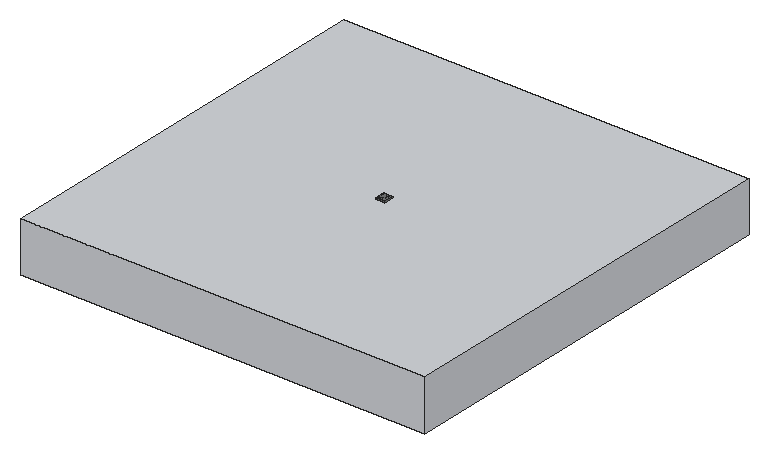
Revit family "Gira_213303", category Elektroinstallationen, Revit 2017
Family settings
  Basisbauteil = Fläche
  Beschriftungsausrichtung beibehalten = Nein
  Bemaßung runder Anschluss = Durchmesser verwenden
  Teiletyp = Normal
  Beim Laden mit Abzugskörper schneiden = Nein
  Gemeinsam genutzt = Nein
  Raumberechnungspunkt = Nein
Parameters (values of type "Rocker set 3-g in.sp. System 55 clear/p.white")
  With label area = no
  With heating = no
  With exchangeable lens/symbol = no
  With DCF77 = no
  Weather station = no
  Utilization = "Switch/push button"
  URL = "https://www.gira.de/"
  Typname = "Rocker set 3-g in.sp. System 55 clear/p.white"
  Type of fastening = "Clamp mounting"
  Transparent = no
  Surface protection = "Other"
  Surface finishing = "Not applicable"
  Suitable for touch sensor connector for bus system = no
  Suitable for degree of protection (IP) = "IP20"
  Scannable symbol / barrier free = no
  RAL-number (akin) = 9010
  Productwebsite = "http://katalog.gira.de/en/datenblatt.html?artikelnr=213303"
  Other bus systems = "None"
  Number of channels = 3
  Mounting method = "Flush mounted (plaster)"
  Monitoring window/light outlet = yes
  Model = "Single rocker"
  Material quality = "Other"
  Material = "Other"
  Imprint/indication = "Without imprint"
  Hersteller = "Gira"
  Halogen free = yes
  HAN = "213303"
  GTIN = "4010337081340"
  Degree of protection (IP) = "IP20"
  Data sheet = "https://katalog.gira.de/en/download.html?artikelnr=213303"
  Colour = "White"
  Bus system radio frequent = no
  Bus system Powernet = no
  Bus system LON = no
  Bus system KNX radio = no
  Bus system KNX = yes
  Bus connection included = no
  Beschreibung = "Rock.set 3g in.sp. Sys55 ClPw,Rocker set, 3-gang with inscription space,System 55,clear + pure white glossy,Notes :,- Inscribable rocker sets and rocker sets with inscription space can be provided with a customised inscription. The order is processed by the wholesaler specified during the rockers' order process.,- Inscribable rocker sets and rocker sets without inscription space are made of metal, which can lead to impairments to the range in wireless applications.,- Professional labelling with the Gira Inscription Service www.marking.gira.com."
  Keynote = ""
  Default Elevation = 1219.2 mm
  BIM = "https://media.stage.bim.site/public/gira/ad86d9f/Sys55_Abdeckung_Schalten%20und%20Tasten.rfa?public/gira/ad86d9f/Sys55_Abdeckung_Schalten und Tasten.rfa"
  Anthrazit [instance] = Anthrazit
  Analogue input = no
  Acoustic signal = yes
Types (2, lengths in mm): name | Keynote
  Rocker set 3-g in.sp. System 55 clear/p.white | ""
  Sys55_Abdeckung_Schalten und Tasten | "Sys55_Abdeckung_Schalten und Tasten"
Reference planes
  plane 1 "Center (Front/Back)": y = 0
  plane 2: z = 0
  plane 3 "Center (Left/Right)": x = 0
Forms (mm)
  Extrusion 1, solid
    sketch origin (0, 0, 0) x (1, 0, 0) y (0, 1, 0)
      loop
        line (-1219.2, 1219.2) -> (-1219.2, -1219.2) -> (1219.2, -1219.2) -> (1219.2, 1219.2) -> (-1219.2, 1219.2)
    from 0 to -304.8
  Extrusion 2, solid, material "Anthrazit" <- "Anthrazit", detail levels fine
    sketch origin (0, 0, 0) x (1, 0, 0) y (0, 1, 0)
      loop
        line (-27.5, 27.5) -> (-27.5, -27.5) -> (27.5, -27.5) -> (27.5, 27.5) -> (-27.5, 27.5)
    from 0 to 8
  Extrusion 3, void
    sketch origin (0, 0, 0) x (1, 0, 0) y (0, 1, 0)
      loop
        line (26, 26) -> (-26, 26) -> (-26, -26) -> (26, -26) -> (26, 26)
    from 0 to 6
  Extrusion 4, solid, material "Anthrazit" <- "Anthrazit", detail levels medium
    sketch origin (0, 0, 0) x (1, 0, 0) y (0, 1, 0)
      loop
        line (-27.5, 27.5) -> (-27.5, -27.5) -> (27.5, -27.5) -> (27.5, 27.5) -> (-27.5, 27.5)
    from 0 to 8
  Extrusion 5, solid, material "Anthrazit" <- "Anthrazit", detail levels medium
    sketch origin (0, 0, 0) x (1, 0, 0) y (0, 1, 0)
      loop
        line (11, -17.5) -> (11, 17.5) -> (-11, 17.5) -> (-11, -17.5) -> (11, -17.5)
    from -6 to 6
  Extrusion 6, solid, material "Anthrazit" <- "Anthrazit", detail levels fine
    sketch origin (0, 0, 0) x (1, 0, 0) y (0, 1, 0)
      loop
        line (11, 17.5) -> (-11, 17.5) -> (-11, 16.5) -> (11, 16.5) -> (11, 17.5)
      loop
        line (-11, -16.5) -> (-11, -17.5) -> (11, -17.5) -> (11, -16.5) -> (-11, -16.5)
    from -4 to 6
  Extrusion 7, solid, material "Anthrazit" <- "Anthrazit", detail levels fine
    sketch origin (0, 0, 0) x (1, 0, 0) y (0, 1, 0)
      loop
        arc (5, 9.347) -> (0, 10.6) -> (-5, 9.347) r 10.6
        line (-5, 9.347) -> (-5, -9.347)
        arc (-5, -9.347) -> (0, -10.6) -> (5, -9.347) r 10.6
        line (5, -9.347) -> (5, 9.347)
    from -6 to 6
  Extrusion 8, solid, material "Anthrazit" <- "Anthrazit", detail levels coarse
    sketch origin (0, 0, 0) x (1, 0, 0) y (0, 1, 0)
      loop
        line (-27.5, 27.5) -> (-27.5, -27.5) -> (27.5, -27.5) -> (27.5, 27.5) -> (-27.5, 27.5)
    from -6 to 8
Cuts and joins
  Extrusion 3 cuts Extrusion 2
Dimensions and locks
  aligned and locked: plane 2 to Extrusion 1
  aligned and locked: level to Extrusion 1
